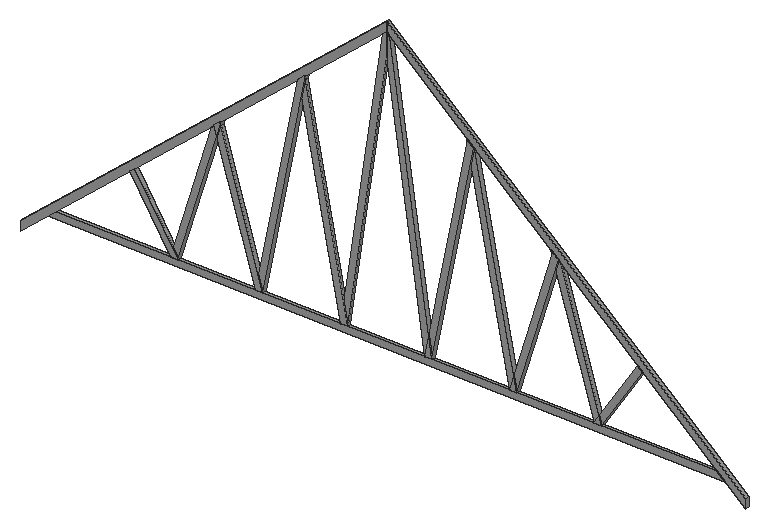
Revit family "TripleFinkTruss", category Structural Framing, Revit 2020
Family settings
  Section Shape = Not Defined
  Material for Model Behavior = Wood
  Always export as geometry = No
  OmniClass Number = 23.25.30.21.14
  OmniClass Title = Trussed Beams and Joists
  Work Plane-Based = No
  Always vertical = Yes
  Cut with Voids When Loaded = No
  Symbolic Representation = From Family
  Shared = No
  Show family pre-cut in plan views = Yes
Parameters
  WebWidth [instance] = 50 mm
  TopWidth [instance] = 50 mm
  WebDepth [instance] = 100 mm
  Structural Material [instance] = Poche
  SpanleftMini [instance] = SpanLeft / 12  # 416.667 mm
  SpanRightMini [instance] = SpanRight / 12  # 416.667 mm
  SpanRight [instance] = 5000 mm
  SpanLeft [instance] = 5000 mm
  Span [instance] = SpanLeft + SpanRight  # 10000 mm
  SlopeRight [instance] = 40.00°
  SlopeLeft [instance] = 40.00°
  OverhangRight [instance] = 400 mm
  OverhangLeft [instance] = 300 mm
  BottomWidth [instance] = 50 mm
  BottomDepth [instance] = 100 mm
  TopDepth [instance] = 100 mm
Reference planes
  plane 1 "Center (Front/Back)": y = 0
  plane 2: z = 0
  plane 3 "Center (Left/Right)": x = 0
  plane 4: x = 5000
  plane 5: x = 5300
  plane 6: x = -5000
  plane 7: x = -5400
  plane 8: z = 100
  plane 9: x = -1250
  plane 10: x = -2500
  plane 11: x = -3750
  plane 12: x = 1250
  plane 13: x = 2500
  plane 14: x = 3750
  plane 15: x = -625
  plane 16: x = -1875
  plane 17: x = -3125
  plane 18: x = 625
  plane 19: x = 1875
  plane 20: x = 3125
  plane 21: x = -4375
  plane 22: x = 4375
Forms (mm)
  Extrusion 1, solid, material "Cherry"
    sketch origin (0, 0, 0) x (1, 0, 0) y (0, 0, 1)
      loop
        line (-5000, 0) -> (5000, 0) -> (4880.825, 100) -> (-4880.825, 100) -> (-5000, 0)
    from -25 to 25
  Extrusion 2, solid, material "Cherry"
    sketch origin (0, 0, 0) x (1, 0, 0) y (0, 0, 1)
      loop
        line (-58.007, 4146.825) -> (-675.579, 100) -> (-574.421, 100) -> (0, 3864.065) -> (0, 4195.498) -> (-58.007, 4146.825)
    from -25 to 25
  Extrusion 3, solid, material "Cherry"
    sketch origin (0, 0, 0) x (1, 0, 0) y (0, 0, 1)
      loop
        line (0, 3864.065) -> (574.421, 100) -> (675.579, 100) -> (58.007, 4146.825) -> (0, 4195.498) -> (0, 3864.065)
    from -25 to 25
  Extrusion 4, solid, material "Cherry"
    sketch origin (0, 0, 0) x (1, 0, 0) y (0, 0, 1)
      loop
        line (573.959, 100) -> (676.041, 100) -> (1293.545, 3110.085) -> (1206.455, 3183.163) -> (573.959, 100)
    from -25 to 25
  Extrusion 5, solid, material "Cherry"
    sketch origin (0, 0, 0) x (1, 0, 0) y (0, 0, 1)
      loop
        line (3065.128, 100) -> (3184.872, 100) -> (3788.56, 1016.519) -> (3711.44, 1081.23) -> (3065.128, 100)
    from -25 to 25
  Extrusion 6, solid, material "Cherry"
    sketch origin (0, 0, 0) x (1, 0, 0) y (0, 0, 1)
      loop
        line (-3184.872, 100) -> (-3065.128, 100) -> (-3711.44, 1081.23) -> (-3788.56, 1016.519) -> (-3184.872, 100)
    from -25 to 25
  Extrusion 7, solid, material "Cherry"
    sketch origin (0, 0, 0) x (1, 0, 0) y (0, 0, 1)
      loop
        line (-1822.61, 100) -> (-2458.504, 2132.569) -> (-2541.496, 2062.929) -> (-1927.39, 100) -> (-1822.61, 100)
    from -25 to 25
  Extrusion 8, solid, material "Cherry"
    sketch origin (0, 0, 0) x (1, 0, 0) y (0, 0, 1)
      loop
        line (1927.39, 100) -> (2541.496, 2062.929) -> (2458.504, 2132.569) -> (1822.61, 100) -> (1927.39, 100)
    from -25 to 25
  Extrusion 9, solid, material "Cherry"
    sketch origin (0, 0, 0) x (1, 0, 0) y (0, 0, 1)
      loop
        line (2571.038, 2038.141) -> (2428.962, 2157.357) -> (3072.61, 100) -> (3177.39, 100) -> (2571.038, 2038.141)
    from -25 to 25
  Extrusion 10, solid, material "Cherry"
    sketch origin (0, 0, 0) x (1, 0, 0) y (0, 0, 1)
      loop
        line (-2428.962, 2157.357) -> (-2571.038, 2038.141) -> (-3177.39, 100) -> (-3072.61, 100) -> (-2428.962, 2157.357)
    from -25 to 25
  Extrusion 11, solid, material "Cherry"
    sketch origin (0, 0, 0) x (1, 0, 0) y (0, 0, 1)
      loop
        line (-1188.346, 3198.358) -> (-1311.654, 3094.89) -> (-1926.041, 100) -> (-1823.959, 100) -> (-1188.346, 3198.358)
    from -25 to 25
  Extrusion 12, solid, material "Cherry"
    sketch origin (0, 0, 0) x (1, 0, 0) y (0, 0, 1)
      loop
        line (1311.654, 3094.89) -> (1188.346, 3198.358) -> (1823.959, 100) -> (1926.041, 100) -> (1311.654, 3094.89)
    from -25 to 25
  Extrusion 13, solid, material "Cherry"
    sketch origin (0, 0, 0) x (1, 0, 0) y (0, 0, 1)
      loop
        line (5300, -251.73) -> (5300, -121.189) -> (0, 4326.039) -> (0, 4195.498) -> (5300, -251.73)
    from -25 to 25
  Extrusion 14, solid, material "Cherry"
    sketch origin (0, 0, 0) x (1, 0, 0) y (0, 0, 1)
      loop
        line (-5400, -335.64) -> (0, 4195.498) -> (0, 4326.039) -> (-5400, -205.099) -> (-5400, -335.64)
    from -25 to 25
  Extrusion 15, solid, material "Cherry"
    sketch origin (0, 0, 0) x (1, 0, 0) y (0, 0, 1)
      loop
        line (-573.959, 100) -> (-1206.455, 3183.163) -> (-1293.545, 3110.085) -> (-676.041, 100) -> (-573.959, 100)
    from -25 to 25
Lines and regions (mm)
  reference lines
    curve 1: line (5000, 0, 0) -> (0, 0, 4195.498)
    curve 2: line (5155.572, 0, 0) -> (120, 0, 4225.347)
    curve 3: line (-5000, 0, 0) -> (0, 0, 4195.498)
    curve 4: line (-5026.162, 0, 108.588) -> (-162.055, 0, 4190.058)
    curve 5: line (0, 25, 1595.888) -> (0, 25, -804.112)
    curve 6: line (0, -25, 1595.888) -> (0, -25, -804.112)
    curve 7: line (0, -25, 1595.888) -> (0, -25, -804.112)
    curve 8: line (0, -25, 1595.888) -> (0, -25, -804.112)
    curve 9: line (0, 25, 1595.888) -> (0, 25, -804.112)
    curve 10: line (0, 25, 1595.888) -> (0, 25, -804.112)
    curve 11: line (0, 0, 4195.498) -> (-625, 0, 100)
    curve 12: line (-625, 0, 100) -> (-1250, 0, 3146.624)
    curve 13: line (-1250, 0, 3146.624) -> (-1875, 0, 100)
    curve 14: line (-1875, 0, 100) -> (-2500, 0, 2097.749)
    curve 15: line (-2500, 0, 2097.749) -> (-3125, 0, 100)
    curve 16: line (-3125, 0, 100) -> (-3750, 0, 1048.875)
    curve 17: line (0, 0, 4195.498) -> (625, 0, 100)
    curve 18: line (625, 0, 100) -> (1250, 0, 3146.624)
    curve 19: line (1250, 0, 3146.624) -> (1875, 0, 100)
    curve 20: line (1875, 0, 100) -> (2500, 0, 2097.749)
    curve 21: line (2500, 0, 2097.749) -> (3125, 0, 100)
    curve 22: line (3125, 0, 100) -> (3750, 0, 1048.875)
    curve 23: line (3128.08, 0, 195.574) -> (3670.408, 0, 1018.935)
    curve 24: line (3120.253, 0, 1.896) -> (3829.592, 0, 1078.814)
    curve 25: line (2593.838, 0, 1965.265) -> (3142.021, 0, 213.054)
    curve 26: line (2406.162, 0, 2230.233) -> (3122.147, 0, -58.339)
    curve 27: line (1857.979, 0, 213.054) -> (2406.162, 0, 1965.265)
    curve 28: line (1877.853, 0, -58.339) -> (2593.838, 0, 2230.233)
    curve 29: line (1347.173, 0, 2921.752) -> (1923.116, 0, 114.259)
    curve 30: line (1152.827, 0, 3371.495) -> (1826.884, 0, 85.741)
    curve 31: line (576.884, 0, 114.259) -> (1152.827, 0, 2921.752)
    curve 32: line (673.116, 0, 85.741) -> (1347.173, 0, 3371.495)
    curve 33: line (98.396, 0, 3882.162) -> (672.857, 0, 117.838)
    curve 34: line (-98.396, 0, 4508.835) -> (577.143, 0, 82.162)
    curve 35: line (-98.396, 0, 3882.162) -> (-672.857, 0, 117.838)
    curve 36: line (98.396, 0, 4508.835) -> (-577.143, 0, 82.162)
    curve 37: line (-576.884, 0, 114.259) -> (-1152.827, 0, 2921.752)
    curve 38: line (-673.116, 0, 85.741) -> (-1347.173, 0, 3371.495)
    curve 39: line (-1347.173, 0, 2921.752) -> (-1923.116, 0, 114.259)
    curve 40: line (-1152.827, 0, 3371.495) -> (-1826.884, 0, 85.741)
    curve 41: line (-1857.979, 0, 213.054) -> (-2406.162, 0, 1965.265)
    curve 42: line (-1877.853, 0, -58.339) -> (-2593.838, 0, 2230.233)
    curve 43: line (-2593.838, 0, 1965.265) -> (-3142.021, 0, 213.054)
    curve 44: line (-2406.162, 0, 2230.233) -> (-3122.147, 0, -58.339)
    curve 45: line (-3128.08, 0, 195.574) -> (-3670.408, 0, 1018.935)
    curve 46: line (-3120.253, 0, 1.896) -> (-3829.592, 0, 1078.814)
Dimensions and locks
  "OverhangLeft": plane 4 to plane 5
  "OverhangRight": plane 6 to plane 7
  "SpanRight": plane 3 "Center (Left/Right)" to plane 6
  "SpanLeft": plane 3 "Center (Left/Right)" to plane 4
  "BottomDepth": level to plane 8
  "TopDepth": curve 1 to curve 2
  "TopDepth": curve 4 to curve 3
  equal spacing: curve 5, plane 1 "Center (Front/Back)", curve 6
  "TopWidth": curve 5 to curve 6
  equal spacing: curve 9, plane 1 "Center (Front/Back)", curve 7
  equal spacing: curve 10, plane 1 "Center (Front/Back)", curve 8
  "WebWidth": curve 9 to curve 7
  "BottomWidth": curve 10 to curve 8
  plane 4 to plane 3 "Center (Left/Right)" = 5000 mm
  plane 3 "Center (Left/Right)" to plane 6 = 5000 mm
  equal spacing: plane 3 "Center (Left/Right)", plane 18, plane 12, plane 19, plane 13, plane 20, plane 14, plane 22, plane 4
  equal spacing: plane 3 "Center (Left/Right)", plane 15, plane 9, plane 16, plane 10, plane 17, plane 11, plane 21, plane 6
  equal spacing: curve 23, curve 22, curve 24
  equal spacing: curve 25, curve 21, curve 26
  equal spacing: curve 27, curve 20, curve 28
  equal spacing: curve 29, curve 19, curve 30
  equal spacing: curve 31, curve 18, curve 32
  equal spacing: curve 33, curve 17, curve 34
  equal spacing: curve 36, curve 11, curve 35
  equal spacing: curve 38, curve 12, curve 37
  equal spacing: curve 40, curve 13, curve 39
  equal spacing: curve 42, curve 14, curve 41
  equal spacing: curve 44, curve 15, curve 43
  equal spacing: curve 46, curve 16, curve 45
  "WebDepth": curve 23 to curve 24
  "WebDepth": curve 25 to curve 26
  "WebDepth": curve 27 to curve 28
  "WebDepth": curve 29 to curve 30
  "WebDepth": curve 31 to curve 32
  "WebDepth": curve 33 to curve 34
  "WebDepth": curve 36 to curve 35
  "WebDepth": curve 38 to curve 37
  "WebDepth": curve 40 to curve 39
  "WebDepth": curve 42 to curve 41
  "WebDepth": curve 44 to curve 43
  "WebDepth": curve 46 to curve 45
  "SlopeLeft": angle level to curve 1
  "SlopeRight": angle curve 3 to level
  aligned and locked: plane 2 to level
  aligned and locked: level to curve 1
  aligned and locked: plane 3 "Center (Left/Right)" to curve 1
  aligned and locked: plane 4 to curve 1
  aligned and locked: plane 6 to curve 3
  aligned and locked: level to Extrusion 1 sketch curve
  aligned and locked: plane 8 to Extrusion 1 sketch curve
  aligned and locked: Extrusion 1 sketch curve to curve 3
  aligned and locked: Extrusion 1 sketch curve to curve 1
  aligned and locked: curve 10 to Extrusion 1
  aligned and locked: Extrusion 1 to curve 8
  aligned and locked: Extrusion 2 sketch curve to curve 35
  aligned and locked: curve 36 to Extrusion 2 sketch curve
  aligned and locked: curve 3 to Extrusion 2 sketch curve
  aligned and locked: plane 3 "Center (Left/Right)" to Extrusion 2 sketch curve
  aligned and locked: Extrusion 1 to Extrusion 2 sketch curve
  aligned and locked: curve 34 to Extrusion 3 sketch curve
  aligned and locked: Extrusion 3 sketch curve to curve 33
  aligned and locked: plane 3 "Center (Left/Right)" to Extrusion 3 sketch curve
  aligned and locked: Extrusion 1 to Extrusion 3 sketch curve
  aligned and locked: curve 1 to Extrusion 3 sketch curve
  aligned and locked: Extrusion 4 sketch curve to curve 31
  aligned and locked: curve 32 to Extrusion 4 sketch curve
  aligned and locked: curve 1 to Extrusion 4 sketch curve
  aligned and locked: Extrusion 1 to Extrusion 4 sketch curve
  aligned and locked: Extrusion 5 sketch curve to curve 23
  aligned and locked: curve 24 to Extrusion 5 sketch curve
  aligned and locked: curve 1 to Extrusion 5 sketch curve
  aligned and locked: Extrusion 1 to Extrusion 5 sketch curve
  aligned and locked: curve 46 to Extrusion 6 sketch curve
  aligned and locked: Extrusion 6 sketch curve to curve 45
  aligned and locked: curve 3 to Extrusion 6 sketch curve
  aligned and locked: Extrusion 1 to Extrusion 6 sketch curve
  aligned and locked: Extrusion 7 sketch curve to curve 41
  aligned and locked: curve 42 to Extrusion 7 sketch curve
  aligned and locked: curve 3 to Extrusion 7 sketch curve
  aligned and locked: Extrusion 1 to Extrusion 7 sketch curve
  aligned and locked: curve 28 to Extrusion 8 sketch curve
  aligned and locked: Extrusion 8 sketch curve to curve 27
  aligned and locked: curve 1 to Extrusion 8 sketch curve
  aligned and locked: Extrusion 1 to Extrusion 8 sketch curve
  aligned and locked: Extrusion 7 to curve 9
  aligned and locked: Extrusion 7 to curve 7
  aligned and locked: curve 9 to Extrusion 6
  aligned and locked: Extrusion 6 to curve 7
  aligned and locked: Extrusion 3 to Extrusion 2  (x2)
  aligned and locked: Extrusion 2 to Extrusion 4
  aligned and locked: Extrusion 4 to Extrusion 2
  aligned and locked: Extrusion 2 to Extrusion 8
  aligned and locked: Extrusion 8 to Extrusion 2
  aligned and locked: curve 9 to Extrusion 5
  aligned and locked: Extrusion 5 to curve 7
  aligned and locked: Extrusion 9 sketch curve to curve 25
  aligned and locked: curve 26 to Extrusion 9 sketch curve
  aligned and locked: curve 1 to Extrusion 9 sketch curve
  aligned and locked: Extrusion 1 to Extrusion 9 sketch curve
  aligned and locked: curve 44 to Extrusion 10 sketch curve
  aligned and locked: Extrusion 10 sketch curve to curve 43
  aligned and locked: curve 3 to Extrusion 10 sketch curve
  aligned and locked: Extrusion 1 to Extrusion 10 sketch curve
  aligned and locked: curve 40 to Extrusion 11 sketch curve
  aligned and locked: Extrusion 11 sketch curve to curve 39
  aligned and locked: curve 3 to Extrusion 11 sketch curve
  aligned and locked: Extrusion 1 to Extrusion 11 sketch curve
  aligned and locked: Extrusion 12 sketch curve to curve 29
  aligned and locked: curve 30 to Extrusion 12 sketch curve
  aligned and locked: Extrusion 1 to Extrusion 12 sketch curve
  aligned and locked: curve 1 to Extrusion 12 sketch curve
  aligned and locked: Extrusion 2 to Extrusion 10
  aligned and locked: Extrusion 10 to Extrusion 2
  aligned and locked: Extrusion 2 to Extrusion 11
  aligned and locked: Extrusion 11 to Extrusion 2
  aligned and locked: Extrusion 2 to Extrusion 12
  aligned and locked: Extrusion 12 to Extrusion 2
  aligned and locked: Extrusion 2 to Extrusion 9
  aligned and locked: Extrusion 9 to Extrusion 2
  aligned and locked: Extrusion 13 sketch curve to curve 1
  aligned and locked: Extrusion 13 sketch curve to curve 2
  aligned and locked: Extrusion 13 sketch curve to plane 3 "Center (Left/Right)"
  aligned and locked: Extrusion 13 sketch curve to plane 5
  aligned and locked: Extrusion 14 sketch curve to curve 3
  aligned and locked: Extrusion 14 sketch curve to curve 4
  aligned and locked: Extrusion 14 sketch curve to plane 3 "Center (Left/Right)"
  aligned and locked: plane 7 to Extrusion 14 sketch curve
  aligned and locked: Extrusion 14 to curve 5
  aligned and locked: Extrusion 14 to curve 6
  aligned and locked: Extrusion 13 to curve 5
  aligned and locked: Extrusion 13 to curve 6
  aligned and locked: Extrusion 15 sketch curve to curve 37
  aligned and locked: curve 38 to Extrusion 15 sketch curve
  aligned and locked: Extrusion 14 to Extrusion 15 sketch curve
  aligned and locked: Extrusion 1 to Extrusion 15 sketch curve
  aligned and locked: Extrusion 15 to curve 9
  aligned and locked: Extrusion 15 to curve 7
  aligned and locked: Extrusion 10 to curve 9
  aligned and locked: Extrusion 10 to curve 7
Automatic sketch dimensions
  level to curve 10 = 804.112 mm
  curve 5 to curve 10 = 0 mm
  curve 8 to curve 5 = 0 mm
  curve 8 to curve 6 = 0 mm  (x2)
  curve 8 to curve 7 = 0 mm  (x2)
  curve 9 to curve 10 = 0 mm  (x2)
  curve 6 to plane 8 = 1495.888 mm
  curve 6 to curve 9 = 0 mm
  curve 5 to curve 9 = 0 mm
  plane 11 to curve 16 = 0 mm
  curve 15 to plane 8 = 0 mm
  plane 17 to curve 15 = 0 mm
  plane 10 to curve 14 = 0 mm
  curve 14 to plane 8 = 0 mm
  plane 16 to curve 14 = 0 mm
  plane 9 to curve 13 = 0 mm
  curve 11 to plane 8 = 0 mm
  plane 15 to curve 11 = 0 mm
  curve 18 to plane 8 = 0 mm
  curve 18 to plane 18 = 0 mm
  curve 19 to plane 12 = 0 mm
  curve 20 to plane 8 = 0 mm
  curve 20 to plane 19 = 0 mm
  curve 21 to plane 13 = 0 mm
  curve 22 to plane 8 = 0 mm
  curve 22 to plane 20 = 0 mm
  curve 22 to plane 14 = 0 mm
  curve 2 to level = 0 mm
  curve 4 to plane 8 = 8.588 mm
  plane 11 to curve 46 = 79.592 mm
  curve 45 to plane 11 = 79.592 mm
  plane 17 to curve 43 = 17.021 mm
  plane 17 to curve 45 = 3.08 mm
  curve 44 to plane 17 = 2.853 mm
  curve 46 to level = 1.896 mm
  plane 10 to curve 43 = 93.838 mm
  plane 10 to curve 42 = 93.838 mm
  curve 41 to plane 10 = 93.838 mm
  curve 44 to plane 10 = 93.838 mm
  curve 39 to plane 8 = 14.259 mm
  plane 16 to curve 42 = 2.853 mm
  curve 41 to plane 16 = 17.021 mm
  plane 8 to curve 40 = 14.259 mm
  plane 9 to curve 39 = 97.173 mm
  plane 9 to curve 38 = 97.173 mm
  curve 37 to plane 9 = 97.173 mm
  curve 40 to plane 9 = 97.173 mm
  plane 8 to curve 38 = 14.259 mm
  curve 35 to plane 8 = 17.838 mm
  plane 8 to curve 36 = 17.838 mm
  curve 37 to plane 8 = 14.259 mm
  curve 4 to plane 3 "Center (Left/Right)" = 162.055 mm
  curve 34 to plane 3 "Center (Left/Right)" = 98.396 mm
  curve 35 to plane 3 "Center (Left/Right)" = 98.396 mm
  plane 3 "Center (Left/Right)" to curve 33 = 98.396 mm
  plane 3 "Center (Left/Right)" to curve 36 = 98.396 mm
  plane 3 "Center (Left/Right)" to curve 2 = 120 mm
  curve 31 to plane 8 = 14.259 mm
  plane 8 to curve 34 = 17.838 mm
  curve 33 to plane 8 = 17.838 mm
  plane 8 to curve 32 = 14.259 mm
  curve 31 to plane 12 = 97.173 mm
  curve 30 to plane 12 = 97.173 mm
  plane 12 to curve 29 = 97.173 mm
  plane 12 to curve 32 = 97.173 mm
  plane 8 to curve 30 = 14.259 mm
  curve 27 to plane 19 = 17.021 mm
  plane 19 to curve 28 = 2.853 mm
  curve 29 to plane 8 = 14.259 mm
  curve 26 to plane 13 = 93.838 mm
  curve 27 to plane 13 = 93.838 mm
  plane 13 to curve 28 = 93.838 mm
  plane 13 to curve 25 = 93.838 mm
  curve 24 to level = 1.896 mm
  curve 26 to plane 20 = 2.853 mm
  plane 20 to curve 23 = 3.08 mm
  plane 20 to curve 25 = 17.021 mm
  curve 23 to plane 14 = 79.592 mm
  plane 14 to curve 24 = 79.592 mm
